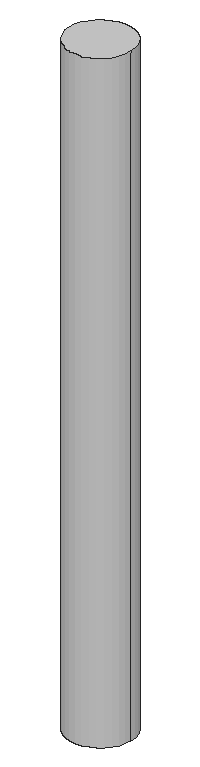
Revit family "Continuous Steel Rod", category Structural Columns, Revit 2018
Family settings
  Section Shape = Not Defined
  Material for Model Behavior = Other
  Always export as geometry = No
  Beam cutback in plan = From bounding box
  OmniClass Number = 23.25.30.11.14.11
  OmniClass Title = Columns
  Cut with Voids When Loaded = No
  Symbolic Representation = From Family
  Shared = No
  Show family pre-cut in plan views = Yes
Parameters (values of type "12" Diameter")
  Structural Material = Steel
  Assembly Code = "B1010200"
  Diameter [instance] = 1' - 0"
  Offset Base [instance] = 0' - 0"
  Offset Top [instance] = 0' - 0"
Types (3): name | Structural Material | Diameter
  06" Diameter | none | 0' - 6"
  12" Diameter | Steel | 1' - 0"
  24" Diameter | none | 2' - 0"
Reference planes (in)
  plane 1: y = 0
  plane 2: z = 0
  plane 3: x = 0
  plane 4: x = -6
  plane 5: x = 6
  plane 6: y = 6
  plane 7: y = -6
  plane 8: z = 120
  plane 9: z = 0
Forms (in)
  Extrusion 1, solid, material "Steel" <- "Structural Material"
    sketch origin (0, 0, 0) x (1, 0, 0) y (0, 1, 0)
      loop
        arc (-6, 0) -> (0, -6) -> (6, 0) r 6
        arc (6, 0) -> (4.24264, 4.24264) -> (0, 6) r 6
        arc (0, 6) -> (-4.24264, 4.24264) -> (-6, 0) r 6
    from 0 to 120
Dimensions and locks (in)
  equal spacing: plane 4, plane 3, plane 5
  "Diameter": plane 4 to plane 5
  equal spacing: plane 6, plane 1, plane 7
  "Diameter": plane 7 to plane 6
  "Offset Base": plane 9 to level
  "Offset Top": level to plane 8
  aligned and locked: Extrusion 1 to plane 9
  aligned and locked: plane 8 to Extrusion 1
Automatic sketch dimensions
  Extrusion 1 sketch curve to plane 1 = 0' - 0"  (x2)
  Extrusion 1 sketch curve to plane 4 = 0' - 0"  (x2)
  Extrusion 1 sketch curve to plane 3 = 0' - 0"
